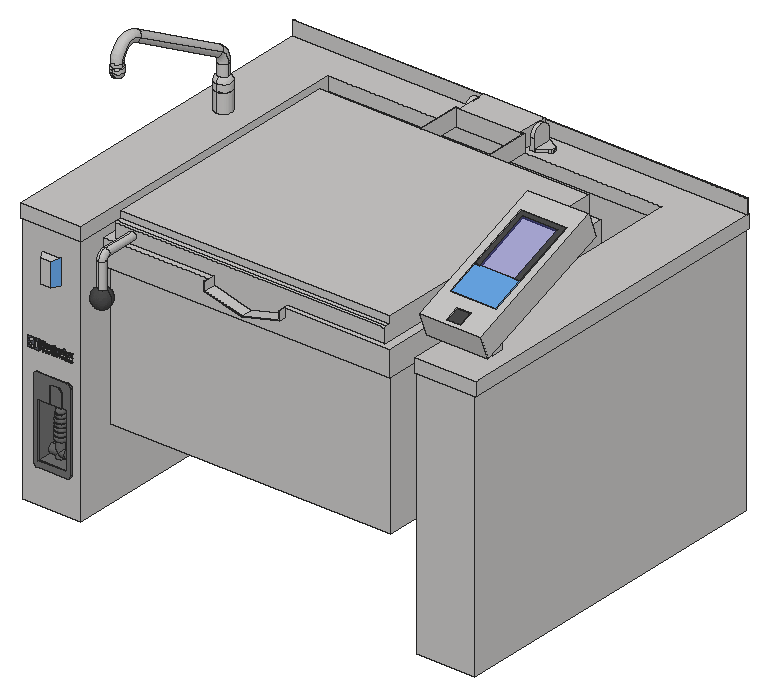
Revit family "QF_ELECTROLUXPROFESSIONAL_586294_PFET09ELEX", category Attrezzature speciali, Revit 2023
Family settings
  Quota connettore circolare = Usa raggio
  Tipo di parte = Normale
  Basato su piano di lavoro = No
  Attiva taglio nelle viste = No
  Sempre verticale = Sì
  Taglio con vuoti quando caricato = No
  Mantieni orientamento annotazione = No
  Condiviso = Sì
  Punto di calcolo locali = No
Parameters (values of type "Standard")
  Weight = 240.00 kg
  Watts = 0 W
  Volts = 400 V
  URL Manufacturer = "http://professional.electrolux.com"
  URL = "http://professional.electrolux.com"
  Steam Supply Size = 0"
  Steam Supply Minimum Pressure = 0.00 psi
  Steam Supply Maximum Pressure = 0.00 psi
  Steam Pounds per Hour = 0
  Show Logo [instance] = yes
  Refrigeration Suction Line Size = 0"
  Refrigeration Liquid Line Size = 0"
  Refrigerant Compressor Remote = yes
  Prospetto di default = 0.00 mm
  Plinth Base Finish [instance] = QF_Finishes_Concrete
  Plinth Base [instance] = not(Base Height = 500.00 mm)  # yes
  Phase = 3
  Modello = "PFET09ELES"
  Produttore = "Electrolux Professional"
  Length Actual = 1200.00 mm  # constant formula
  Item Number = "586955"
  Hot Water Size = 1/2"
  Height Actual = 700.00 mm  # constant formula
  HP = "20.8 HP"
  Gas Size = 0"
  Gas KW = 0
  Gas Input Pressure = 0.0 Btu/h
  Direct Waste Size = 0"
  Descrizione = "EL. TILTING BRAISING PAN,AUTO H/C WATER FILL INLET,SPRAY GUN, 90L,H700,COMPOUND,BS,FS,D900,REAR CLS KIT,GUID.COOK.S"
  Depth Actual = 900.00 mm  # constant formula
  Cycle = 50 Hz
  Condensate Return Size = 0"
  Compressed Air Volume = 0 GPM
  Compressed Air Size = 0"
  Compressed Air Pressure = 0.00 psi
  Cold Water Size = 1/2"
  Bracket [instance] = Base Height = 500.00 mm  # no
  Body Finish [instance] = QF_Finishes_Stainless Steel
  Base Height = 200.00 mm
  Show Clearance [instance] = yes
  Assembly Code = ""
  Accessory = yes
Reference planes
  plane 1 "BACK": y = 0
  plane 2: z = 0
  plane 3 "LEFT": x = 0
  plane 4 "RIGHT": x = 1200
  plane 5 "FRONT": y = -900
  plane 6 "TOP": z = 900
  plane 7: z = 200
  plane 8 "Center": x = 600
  plane 9 "Center (Front/Back)": y = -450
  plane 10: y = -920
  plane 11: z = 1845
  plane 12: y = -971
  plane 13: z = 913.881
Forms (mm)
  Extrusion 1, solid, material "QF_Finishes_Stainless Steel" <- "Body Finish"
    sketch origin (0, 0, 900) x (-1, 0, 0) y (0, -1, 0)
      loop
        line (0, 0) -> (0, 900) -> (-160, 900) -> (-160, 86) -> (-1040, 86) -> (-1040, 900) -> (-1200, 900) -> (-1200, 0) -> (0, 0)
    from 0 to -35
  Extrusion 2, solid, material "QF_Finishes_Stainless Steel" <- "Body Finish"
    sketch origin (0, 0, 0) x (1, 0, 0) y (0, 0, 1)
      loop
        line (157, 865) -> (157, 500) -> (1043, 500) -> (1043, 865) -> (157, 865)
    from 3 to 83
  Extrusion 3, solid, material "QF_Finishes_Stainless Steel" <- "Body Finish"
    sketch origin (0, -450, 0) x (-1, 0, 0) y (0, 0, 1)
      loop
        line (-230, 454.5) -> (-230, 833) -> (-970, 833) -> (-970, 454.5) -> (-230, 454.5)
    from 235 to -440
  Extrusion 4, solid, material "QF_Finishes_Stainless Steel" <- "Body Finish"
    sketch origin (-975.299, -4572, 900) x (-1, 0, 0) y (0, -1, 0)
      loop
        line (-1483.872, -4352.3) -> (-1487.872, -4352.3) -> (-1487.872, -4467) -> (-1663.872, -4467) -> (-1663.872, -4352.3) -> (-1667.872, -4352.3) -> (-1667.872, -4471) -> (-1655.272, -4471) -> (-1655.272, -4549.945) -> (-1496.272, -4549.945) -> (-1496.272, -4471) -> (-1483.872, -4471) -> (-1483.872, -4352.3)
    from 11 to 56
  Extrusion 5, void
    sketch origin (0, -820, 0) x (1, 0, 0) y (0, 0, 1)
      loop
        line (500.793, 900) -> (500.793, 876.744) -> (600.793, 851.202) -> (700.793, 876.744) -> (700.793, 900) -> (500.793, 900)
    from 55.7 to 90
  Extrusion 6, solid, material "QF_Finishes_Stainless Steel" <- "Body Finish"
    sketch origin (520.973, -101, 900) x (0, 1, 0) y (0, 0, -1)
      loop
        line (31, 0) -> (31, -32)
        arc (31, -32) -> (54.973, -55.973) -> (78.945, -32) r 23.973
        line (78.945, -32) -> (78.945, 0) -> (31, 0)
    from 0 to 12.9
  Extrusion 7, solid, material "QF_Finishes_Stainless Steel" <- "Body Finish"
    sketch origin (509.84, -101, 900) x (0, 1, 0) y (0, 0, -1)
      loop
        line (31, 0) -> (31, -32)
        arc (31, -32) -> (54.973, -55.973) -> (78.945, -32) r 23.973
        line (78.945, -32) -> (78.945, 0) -> (31, 0)
    from -182.733 to -170.133
  Blend 8, solid, material "QF_Finishes_Stainless Steel" <- "Body Finish"
    base sketch origin (157, -897, 0) x (-1, 0, 0) y (0, 0, -1)
      loop
        line (100.5, -805.4) -> (100.5, -738.6) -> (53.5, -738.6) -> (53.5, -805.4) -> (100.5, -805.4)
    top sketch origin (157, -897, 0) x (-1, 0, 0) y (0, 0, -1)
      loop
        line (90.448, -802.617) -> (90.448, -741.383) -> (63.552, -741.383) -> (63.552, -802.617) -> (90.448, -802.617)
    from 0 to 20.065
  Extrusion 9, solid, material "QF_Finishes_Stainless Steel" <- "Body Finish"
    sketch origin (0, 0, 900) x (-1, 0, 0) y (0, -1, 0)
      loop
        line (-481.802, 36.346) -> (-478.267, 39.408) -> (-476.325, 43.662) -> (-476.325, 47.996) -> (-478.267, 52.592) -> (-481.802, 55.654) -> (-508.073, 70) -> (-508.073, 22) -> (-481.802, 36.346)
      loop
        line (-719.145, 36.346) -> (-692.873, 22) -> (-692.873, 70) -> (-719.145, 55.654) -> (-722.679, 52.592) -> (-724.622, 47.996) -> (-724.622, 43.662) -> (-722.679, 39.408) -> (-719.145, 36.346)
    from 0 to 8
  Extrusion 10, solid, material "QF_Finishes_Stainless Steel" <- "Body Finish"
    sketch origin (600, 0, 0) x (0, 1, 0) y (0, 0, 1)
      loop
        line (-875.7, 957.5) -> (-875.7, 939.75) -> (-887.664, 939.75)
        arc (-887.664, 939.75) -> (-889.835, 938.566) -> (-890.7, 936.25) r 3.536
        line (-890.7, 936.25) -> (-890.7, 900) -> (-219.7, 900) -> (-219.7, 957.5) -> (-875.7, 957.5)
    from -355 to 355
  Revolve 11, solid, material "QF_Finishes_Stainless Steel" <- "Body Finish"
    sketch origin (-975.299, -4572, 730) x (-1, 0, 0) y (0, -1, 0)
      loop
        line (-1205.299, -4000) -> (-1138.736, -4000) -> (-1138.736, -4030) -> (-1132.299, -4030) -> (-1132.299, -3943) -> (-1205.299, -3943) -> (-1205.299, -4000)
      loop
        line (-1945.299, -4000) -> (-1945.299, -3943) -> (-2018.299, -3943) -> (-2018.299, -4030) -> (-2011.861, -4030) -> (-2011.861, -4000) -> (-1945.299, -4000)
      axis (-1132.299, -3943) -> (-2018.299, -3943)
    angle from 0 to 360
  Extrusion 12, solid, material "QF_Finishes_Stainless Steel" <- "Body Finish"
    sketch origin (-975.299, -4572, 900) x (-1, 0, 0) y (0, -1, 0)
      loop
        line (-1199.802, -4362) -> (-1199.802, -3667) -> (-1953.192, -3667) -> (-1953.192, -4362) -> (-1199.802, -4362)
    from -67 to 0
  Extrusion 13, solid, material "QF_Finishes_Clearance", visible <- "Show Clearance", detail levels coarse
    sketch origin (600, 0, 0) x (0, 1, 0) y (0, 0, 1)
      loop
        arc (-260.261, 1845) -> (-755.561, 1527.998) -> (-892.055, 956) r 785.603
        line (-892.055, 956) -> (-219.7, 956)
        arc (-219.7, 956) -> (-178.857, 1076.319) -> (-73.209, 1146.911) r 197.645
        line (-73.209, 1146.911) -> (-260.261, 1845)
    from -355 to 355
  Extrusion 14, solid, material "QF_Finishes_Clearance", visible <- "Show Clearance", detail levels coarse
    sketch origin (600, 0, 0) x (0, 1, 0) y (0, 0, 1)
      loop
        line (-885, 484.442) -> (-885, 867.077) -> (-905, 867.077) -> (-905, 934.077)
        arc (-905, 934.077) -> (-956.101, 706.542) -> (-885, 484.442) r 444.593
    from -375.497 to 377.893
  Extrusion 15, solid, material "QF_Finishes_Stainless Steel"
    sketch origin (0, 0, 386.36) x (0, 0, 1) y (1, 0, 0)
      loop
        circle (8.64, 106.204) r 6.35
      loop
        circle (8.64, 46.204) r 6.35
    from 0 to 5
  Extrusion 16, solid, material "QF_Finishes_Stainless Steel"
    sketch origin (1040, 0, 386.36) x (0, 0, 1) y (1, 0, 0)
      loop
        circle (8.64, 81.204) r 6.35
    from 0 to 5
  Extrusion 17, solid, material "QF_Finishes_Stainless Steel" <- "Body Finish"
    sketch origin (0, -100, 0) x (1, 0, 0) y (0, 1, 0)
      loop
        line (157, 97) -> (3, 97) -> (3, -797) -> (157, -797) -> (157, 97)
      loop
        line (1197, 97) -> (1043, 97) -> (1043, -797) -> (1197, -797) -> (1197, 97)
    from 200 to 865
  Extrusion 18, solid, material "Navy Blue", visible <- "Show Logo"
    sketch origin (160, -897, 0) x (-1, 0, 0) y (0, 0, -1)
      loop
        line (101.332, -593.18) -> (109.793, -593.18) -> (109.793, -583.327)
        arc (109.793, -583.327) -> (108.679, -580.639) -> (105.991, -579.525) r 3.802
        line (105.991, -579.525) -> (101.168, -579.525) -> (101.168, -581.736) -> (105.441, -581.736)
        arc (105.441, -581.736) -> (106.845, -582.21) -> (107.442, -583.566) r 1.838
        line (107.442, -583.566) -> (107.442, -585.52) -> (101.698, -585.52) -> (101.698, -587.738) -> (107.442, -587.738) -> (107.442, -590.968) -> (101.332, -590.968) -> (101.332, -593.18)
      loop
        line (99.498, -593.18) -> (99.498, -579.525) -> (97.146, -579.525) -> (97.146, -593.18) -> (99.498, -593.18)
      loop
        line (48.417, -593.18) -> (48.417, -579.525) -> (46.064, -579.525) -> (46.064, -593.18) -> (48.417, -593.18)
      loop
        line (93.257, -583.886) -> (85.539, -583.886)
        arc (85.539, -583.886) -> (86.746, -588.126) -> (90.874, -589.672) r 4.89
        arc (90.874, -589.672) -> (94.51, -587.828) -> (95.548, -583.886) r 4.976
        arc (95.548, -583.886) -> (94.182, -580.589) -> (90.886, -579.224) r 4.662
        arc (90.886, -579.224) -> (88.32, -579.602) -> (86.169, -581.05) r 5.86
        line (86.169, -581.05) -> (87.562, -582.444)
        arc (87.562, -582.444) -> (89.391, -581.347) -> (91.516, -581.531) r 3.458
        arc (91.516, -581.531) -> (92.812, -582.394) -> (93.257, -583.886) r 2.29
      loop
        line (93.198, -585.539) -> (87.902, -585.539)
        arc (87.902, -585.539) -> (88.645, -587.103) -> (90.278, -587.679) r 2.256
        arc (90.278, -587.679) -> (92.162, -587.188) -> (93.198, -585.539) r 2.64
      loop
        line (76.371, -586.524) -> (74.894, -588)
        arc (74.894, -588) -> (76.746, -589.341) -> (78.997, -589.742) r 5.117
        arc (78.997, -589.742) -> (82.429, -588.487) -> (84.231, -585.308) r 5.293
        arc (84.231, -585.308) -> (81.194, -579.733) -> (74.977, -581.018) r 5.33
        line (74.977, -581.018) -> (76.446, -582.487)
        arc (76.446, -582.487) -> (79.616, -581.438) -> (81.887, -583.886) r 3.088
        arc (81.887, -583.886) -> (81.729, -585.821) -> (80.396, -587.234) r 2.933
        arc (80.396, -587.234) -> (78.264, -587.559) -> (76.371, -586.524) r 3.369
      loop
        line (73.45, -593.18) -> (73.45, -583.849)
        arc (73.45, -583.849) -> (73.246, -582.449) -> (72.722, -581.135) r 6.031
        arc (72.722, -581.135) -> (71.044, -579.8) -> (68.918, -579.519) r 4.018
        line (68.918, -579.519) -> (68.918, -581.723)
        arc (68.918, -581.723) -> (69.55, -581.771) -> (70.139, -582.005) r 2.118
        arc (70.139, -582.005) -> (70.895, -582.804) -> (71.098, -583.886) r 1.949
        line (71.098, -583.886) -> (71.098, -587.265) -> (68.962, -587.265) -> (68.962, -589.401) -> (71.098, -589.401) -> (71.098, -593.18) -> (73.45, -593.18)
      loop
        arc (64.65, -584.717) -> (64.482, -585.701) -> (63.997, -586.574) r 2.967
        arc (63.997, -586.574) -> (62.588, -587.297) -> (61.004, -587.265) r 3.231
        line (61.004, -587.265) -> (61.004, -589.525)
        arc (61.004, -589.525) -> (63.073, -589.33) -> (64.65, -587.977) r 3.432
        line (64.65, -587.977) -> (64.65, -589.401) -> (66.983, -589.401) -> (66.983, -579.525) -> (64.65, -579.525) -> (64.65, -584.717)
      loop
        circle (55.254, -584.461) r 5.233
      loop
        circle (55.254, -584.461) r 3.172
      loop
        arc (37.582, -583.638) -> (38.162, -582.041) -> (39.738, -581.405) r 2.088
        arc (39.738, -581.405) -> (41.313, -582.041) -> (41.894, -583.638) r 2.088
        line (41.894, -583.638) -> (41.894, -589.401) -> (44.266, -589.401) -> (44.266, -583.442)
        arc (44.266, -583.442) -> (42.916, -580.365) -> (39.738, -579.275) r 4.181
        arc (39.738, -579.275) -> (36.524, -580.398) -> (35.211, -583.539) r 4.181
        line (35.211, -583.539) -> (35.211, -589.401) -> (37.582, -589.401) -> (37.582, -583.638)
      loop
        line (33.789, -589.401) -> (30.374, -584.764) -> (34.126, -579.522) -> (31.598, -579.522) -> (29.107, -583.001) -> (26.58, -579.522) -> (24.068, -579.522) -> (27.767, -584.817) -> (24.385, -589.401) -> (26.952, -589.401) -> (29.115, -586.469) -> (31.245, -589.401) -> (33.789, -589.401)
      loop
        line (108.47, -573.865) -> (110.346, -573.865) -> (110.346, -569.143) -> (109.319, -569.143) -> (109.319, -570.769) -> (108.185, -570.769)
        arc (108.185, -570.769) -> (106.916, -572.447) -> (108.47, -573.865) r 1.561
      loop
        arc (108.23, -571.697) -> (107.841, -572.304) -> (108.23, -572.911) r 0.668
        line (108.23, -572.911) -> (109.319, -572.911) -> (109.319, -571.697) -> (108.23, -571.697)
      loop
        line (101.061, -573.865) -> (102.968, -573.865) -> (102.968, -569.143) -> (101.942, -569.143) -> (101.942, -570.769) -> (100.949, -570.769) -> (100.27, -569.143) -> (99.168, -569.143) -> (100.097, -571.134)
        arc (100.097, -571.134) -> (99.652, -571.665) -> (99.502, -572.343) r 1.458
        arc (99.502, -572.343) -> (99.971, -573.421) -> (101.061, -573.865) r 1.559
      loop
        line (101.942, -572.911) -> (101.942, -571.697) -> (100.852, -571.697)
        arc (100.852, -571.697) -> (100.464, -572.304) -> (100.852, -572.911) r 0.668
        line (100.852, -572.911) -> (101.942, -572.911)
      loop
        circle (93.139, -571.504) r 2.453
      loop
        circle (93.139, -571.504) r 1.557
      loop
        line (86.655, -573.865) -> (86.655, -569.143) -> (85.654, -569.143) -> (85.654, -570.793) -> (83.876, -570.793) -> (83.876, -571.851) -> (85.654, -571.851) -> (85.654, -572.847) -> (83.706, -572.847) -> (83.706, -573.865) -> (86.655, -573.865)
      loop
        line (79.724, -573.865) -> (79.724, -570.677)
        arc (79.724, -570.677) -> (79.288, -569.596) -> (78.213, -569.146) r 1.51
        line (78.213, -569.146) -> (76.689, -569.146) -> (76.689, -570.038) -> (78.122, -570.038)
        arc (78.122, -570.038) -> (78.65, -570.475) -> (78.753, -571.151) r 0.961
        line (78.753, -571.151) -> (76.866, -571.151) -> (76.866, -572.043) -> (78.753, -572.043) -> (78.753, -572.973) -> (76.735, -572.973) -> (76.735, -573.865) -> (79.724, -573.865)
      loop
        arc (62.624, -573.267) -> (63.249, -573.78) -> (64.041, -573.943) r 1.69
        arc (64.041, -573.943) -> (64.773, -573.764) -> (65.374, -573.31) r 1.872
        arc (65.374, -573.31) -> (65.486, -572.238) -> (64.794, -571.411) r 1.385
        arc (64.794, -571.411) -> (64.212, -571.217) -> (63.66, -570.95) r 4.78
        arc (63.66, -570.95) -> (63.312, -570.539) -> (63.552, -570.057) r 0.489
        arc (63.552, -570.057) -> (63.998, -569.952) -> (64.442, -570.065) r 0.963
        arc (64.442, -570.065) -> (64.826, -570.341) -> (65.061, -570.752) r 1.118
        line (65.061, -570.752) -> (65.887, -570.367)
        arc (65.887, -570.367) -> (65.589, -569.793) -> (65.11, -569.36) r 1.815
        arc (65.11, -569.36) -> (64.566, -569.127) -> (63.978, -569.068) r 1.957
        arc (63.978, -569.068) -> (63.25, -569.213) -> (62.595, -569.561) r 2.556
        arc (62.595, -569.561) -> (62.305, -570.331) -> (62.455, -571.139) r 1.535
        arc (62.455, -571.139) -> (62.778, -571.512) -> (63.19, -571.781) r 1.779
        arc (63.19, -571.781) -> (63.712, -572.014) -> (64.248, -572.215) r 9.371
        arc (64.248, -572.215) -> (64.557, -572.696) -> (64.11, -573.053) r 0.427
        arc (64.11, -573.053) -> (63.575, -572.924) -> (63.163, -572.558) r 1.135
        line (63.163, -572.558) -> (62.624, -573.267)
      loop
        line (58.291, -573.865) -> (58.291, -569.146) -> (57.321, -569.146) -> (57.321, -573.865) -> (58.291, -573.865)
      loop
        circle (50.779, -571.506) r 1.468
      loop
        circle (50.779, -571.506) r 2.451
      loop
        line (44.27, -569.146) -> (43.289, -569.146) -> (43.289, -572.113) -> (41.131, -569.146) -> (40.187, -569.146) -> (40.187, -573.865) -> (41.168, -573.865) -> (41.168, -570.808) -> (43.326, -573.865) -> (44.27, -573.865) -> (44.27, -569.146)
      loop
        line (35.295, -569.146) -> (34.836, -570.164) -> (33.09, -570.164) -> (32.631, -569.146) -> (31.588, -569.146) -> (33.581, -573.865) -> (34.491, -573.865) -> (36.337, -569.146) -> (35.295, -569.146)
      loop
        line (33.526, -571.132) -> (33.993, -572.169) -> (34.447, -571.132) -> (33.526, -571.132)
      loop
        line (26.769, -570.038) -> (26.769, -573.865) -> (27.739, -573.865) -> (27.739, -569.146) -> (24.954, -569.146) -> (24.954, -570.038) -> (26.769, -570.038)
      loop
        arc (69.698, -573.267) -> (70.324, -573.78) -> (71.116, -573.943) r 1.69
        arc (71.116, -573.943) -> (71.847, -573.764) -> (72.449, -573.31) r 1.872
        arc (72.449, -573.31) -> (72.56, -572.238) -> (71.868, -571.411) r 1.385
        arc (71.868, -571.411) -> (71.287, -571.217) -> (70.735, -570.95) r 4.78
        arc (70.735, -570.95) -> (70.386, -570.539) -> (70.627, -570.057) r 0.489
        arc (70.627, -570.057) -> (71.073, -569.952) -> (71.517, -570.065) r 0.963
        arc (71.517, -570.065) -> (71.901, -570.341) -> (72.136, -570.752) r 1.118
        line (72.136, -570.752) -> (72.961, -570.367)
        arc (72.961, -570.367) -> (72.664, -569.793) -> (72.184, -569.36) r 1.815
        arc (72.184, -569.36) -> (71.64, -569.127) -> (71.052, -569.068) r 1.957
        arc (71.052, -569.068) -> (70.325, -569.213) -> (69.669, -569.561) r 2.556
        arc (69.669, -569.561) -> (69.38, -570.331) -> (69.529, -571.139) r 1.535
        arc (69.529, -571.139) -> (69.852, -571.512) -> (70.265, -571.781) r 1.779
        arc (70.265, -571.781) -> (70.787, -572.014) -> (71.322, -572.215) r 9.371
        arc (71.322, -572.215) -> (71.632, -572.696) -> (71.185, -573.053) r 0.427
        arc (71.185, -573.053) -> (70.649, -572.924) -> (70.238, -572.558) r 1.135
        line (70.238, -572.558) -> (69.698, -573.267)
      loop
        line (124.467, -593.367) -> (124.467, -568.534)
        arc (124.467, -568.534) -> (115.287, -580.95) -> (124.467, -593.367) r 12.987
      loop
        arc (125.423, -593.446) -> (135.891, -591.227) -> (141.022, -581.837) r 12.809
        line (141.022, -581.837) -> (135.422, -581.837)
        arc (135.422, -581.837) -> (128.84, -585.012) -> (125.423, -591.472) r 11.707
        line (125.423, -591.472) -> (125.423, -593.446)
      loop
        arc (125.73, -570.332) -> (129.585, -577.251) -> (136.925, -580.23) r 11.93
        line (136.925, -580.23) -> (141.033, -580.23)
        arc (141.033, -580.23) -> (136.066, -570.804) -> (125.73, -568.215) r 13.06
        line (125.73, -568.215) -> (125.73, -570.332)
      loop
        line (141.976, -594.722) -> (141.976, -567.122) -> (114.339, -567.122) -> (114.339, -594.722) -> (141.976, -594.722)
    from 0 to 0.697
  Extrusion 19, void
    sketch origin (0, -900, 0) x (1, 0, 0) y (0, 0, 1)
      loop
        line (125.4, 500.944) -> (43.4, 500.944) -> (43.4, 305.944) -> (125.4, 305.944) -> (125.4, 500.944)
    from 0 to -63
  Extrusion 20, solid, material "QF_Finishes_Stainless Steel"
    sketch origin (600, -100, 0) x (0, 1, 0) y (0, 0, 1)
      loop
        line (98, 937.998) -> (98, 900) -> (100, 900) -> (100, 937.998) -> (98, 937.998)
    from 600 to -600
  Sweep 21, solid, material "QF_Finishes_Stainless Steel" <- "Body Finish"
    path origin (287.976, 6.8, 0) x (0, 1, 0) y (0, 0, 1)
      loop
        line (-897.5, 920) -> (-985.5, 920)
        arc (-985.5, 920) -> (-994.07, 916.45) -> (-997.619, 907.881) r 12.119
        line (-997.619, 907.881) -> (-997.619, 837.881)
    profile origin (287.976, -934.7, 920) x (0, 0, -1) y (1, 0, 0)
      loop
        circle (0, 0) r 10
  Revolve 22, solid, material "QF_Finishes_Black"
    sketch origin (0, -990.819, 0) x (1, 0, 0) y (0, 0, 1)
      loop
        line (287.976, 837.881) -> (287.976, 792.881)
        arc (287.976, 792.881) -> (312.449, 812.773) -> (297.976, 840.794) r 25
        line (297.976, 840.794) -> (297.976, 837.881) -> (287.976, 837.881)
      axis (287.976, 792.881) -> (287.976, 840.794)
    angle from 0 to 360
  Extrusion 23, solid, material "QF_Finishes_Stainless Steel" <- "Body Finish"
    sketch origin (0, -900, 0) x (1, 0, 0) y (0, 0, 1)
      loop
        line (500.793, 900) -> (500.793, 876.744) -> (600.793, 851.202) -> (700.793, 876.744) -> (700.793, 900) -> (698.793, 900) -> (698.793, 878.297) -> (600.793, 853.267) -> (502.793, 878.297) -> (502.793, 900) -> (500.793, 900)
    from -24.3 to 20
  Extrusion 24, solid, material "QF_Finishes_Stainless Steel" <- "Body Finish"
    sketch origin (0, -900, 0) x (1, 0, 0) y (0, 0, 1)
      loop
        line (504.793, 879.85) -> (600.793, 855.331) -> (696.793, 879.85) -> (696.793, 900) -> (504.793, 900) -> (504.793, 879.85)
    from -24.3 to -9.3
  Extrusion 25, solid, material "QF_Finishes_Clearance", visible <- "Show Clearance", detail levels coarse
    sketch origin (600, 0, 0) x (0, 1, 0) y (0, 0, 1)
      loop
        arc (-73.209, 1146.911) -> (-178.857, 1076.319) -> (-219.7, 956) r 197.645
        line (-219.7, 956) -> (-22.055, 956) -> (-73.209, 1146.911)
    from -91.427 to 92.573
Cuts and joins
  Extrusion 5 cuts Extrusion 12
  joined: Extrusion 3, Extrusion 10, Extrusion 12, Extrusion 23, Extrusion 24
  Extrusion 19 cuts Extrusion 17
  joined: Extrusion 13, Extrusion 25
Lines and regions (mm)
  symbolic lines
    curve 1: line (1200, -900, 900) -> (1200, -160.7, 900)
    curve 2: line (1040, -900, 900) -> (1200, -900, 900)
    curve 3: line (1040, -86, 900) -> (1040, -900, 900)
    curve 4: line (0, -160.7, 900) -> (0, -900, 900)
    curve 5: line (160, -900, 900) -> (160, -86, 900)
    curve 6: line (0, -900, 900) -> (160, -900, 900)
    curve 7: line (160, -86, 900) -> (520.973, -86, 900)
    curve 8: line (679.973, -86, 900) -> (1040, -86, 900)
    curve 9: line (224.503, -210, 900) -> (508.573, -210, 900)
    curve 10: line (692.573, -115.7, 900) -> (690.46, -115.7, 900)
    curve 11: line (977.893, -210, 900) -> (977.893, -905, 900)
    curve 12: line (224.503, -210, 900) -> (224.503, -905, 900)
    curve 13: line (1040, -572, 900) -> (977.893, -572, 900)
    curve 14: line (1040, -686, 900) -> (977.893, -686, 900)
    curve 15: line (160, -572, 900) -> (224.503, -572, 900)
    curve 16: line (160, -686, 900) -> (224.503, -686, 900)
    curve 24: line (0, -2, 0) -> (1200, -2, 0)
    curve 25: line (277.976, -990.819, 0) -> (277.976, -890.7, 0)
    curve 26: line (297.976, -990.819, 0) -> (297.976, -890.7, 0)
    curve 27: arc (277.976, -967.907, 0) -> (287.976, -1015.819, 0) -> (297.976, -967.907, 0) r 25
    curve 28: arc (277.976, -990.819, 0) -> (287.976, -1000.819, 0) -> (297.976, -990.819, 0) r 10
    curve 29: line (500.793, -890.7, 0) -> (500.793, -920, 0)
    curve 30: line (500.793, -920, 0) -> (700.793, -920, 0)
    curve 31: line (700.793, -920, 0) -> (700.793, -890.7, 0)
    curve 32: line (698.793, -920, 0) -> (698.793, -890.7, 0)
    curve 33: line (502.793, -920, 0) -> (502.793, -890.7, 0)
    curve 34: line (600.793, -920, 0) -> (600.793, -890.7, 0)
    curve 35: line (245.454, -219.7, 0) -> (245.454, -890.7, 0)
    curve 36: line (955.493, -219.7, 0) -> (245.454, -219.7, 0)
    curve 37: line (955.493, -890.7, 0) -> (955.493, -219.7, 0)
    curve 38: line (245.454, -890.7, 0) -> (955.493, -890.7, 0)
    curve 39: line (224.503, -905, 0) -> (277.976, -905, 0)
    curve 40: line (297.976, -905, 0) -> (500.793, -905, 0)
    curve 41: line (700.793, -905, 0) -> (977.893, -905, 0)
    curve 42: line (245.454, -875.7, 0) -> (955.493, -875.7, 0)
    curve 43: line (512.573, -219.7, 0) -> (512.573, -105, 0)
    curve 44: line (508.573, -101, 0) -> (508.573, -219.7, 0)
    curve 45: line (520.973, -101, 0) -> (508.573, -101, 0)
    curve 46: line (512.573, -105, 0) -> (688.573, -105, 0)
    curve 47: line (688.573, -105, 0) -> (688.573, -219.7, 0)
    curve 48: line (692.573, -219.7, 0) -> (692.573, -101, 0)
    curve 49: line (692.573, -101, 0) -> (679.973, -101, 0)
    curve 50: line (679.973, -101, 0) -> (679.973, -22, 0)
    curve 51: line (520.973, -22, 0) -> (520.973, -101, 0)
    curve 52: line (508.073, -70, 0) -> (520.973, -70, 0)
    curve 53: line (508.073, -22, 0) -> (508.073, -70, 0)
    curve 54: line (692.873, -70, 0) -> (692.873, -22, 0)
    curve 55: line (679.973, -70, 0) -> (692.873, -70, 0)
    curve 56: line (692.873, -70, 0) -> (719.145, -55.654, 0)
    curve 57: line (719.145, -36.346, 0) -> (692.873, -22, 0)
    curve 58: line (508.073, -22, 0) -> (481.802, -36.346, 0)
    curve 59: line (481.802, -36.346, 0) -> (478.267, -39.408, 0)
    curve 60: line (478.267, -39.408, 0) -> (476.325, -43.662, 0)
    curve 61: line (476.325, -43.662, 0) -> (476.325, -47.996, 0)
    curve 62: line (476.325, -47.996, 0) -> (478.267, -52.592, 0)
    curve 63: line (478.267, -52.592, 0) -> (481.802, -55.654, 0)
    curve 64: line (481.802, -55.654, 0) -> (508.073, -70, 0)
    curve 65: line (722.679, -39.408, 0) -> (719.145, -36.346, 0)
    curve 66: line (724.622, -43.662, 0) -> (722.679, -39.408, 0)
    curve 67: line (724.622, -47.996, 0) -> (724.622, -43.662, 0)
    curve 68: line (722.679, -52.592, 0) -> (724.622, -47.996, 0)
    curve 69: line (719.145, -55.654, 0) -> (722.679, -52.592, 0)
    curve 70: line (508.073, -22, 0) -> (692.873, -22, 0)
    curve 71: line (692.573, -210, 900) -> (976.644, -210, 900)
  symbolic lines, style "QF-Clearances", visible <- "Show Clearance", detail levels coarse
    curve 17: line (350, -550, 900) -> (850, -550, 900)
    curve 18: line (350, -1750, 900) -> (350, -550, 900)
    curve 19: line (850, -1750, 900) -> (350, -1750, 900)
    curve 20: line (850, -550, 900) -> (850, -1750, 900)
    curve 21: line (350, -1150, 900) -> (550, -1750, 900)
    curve 22: line (850, -1150, 900) -> (650, -1750, 900)
    curve 23: circle (600, -1700, 900) r 25 normal (0, 0, 1)
Dimensions and locks
  plane 3 "LEFT" to plane 4 "RIGHT" = 1200.00 mm
  plane 4 "RIGHT" to plane 3 "LEFT" = 1200.00 mm
  plane 1 "BACK" to plane 5 "FRONT" = 900.00 mm
  plane 5 "FRONT" to plane 1 "BACK" = 900.00 mm
  plane 6 "TOP" to level = 900.00 mm
  "Base Height": plane 7 to level
  equal spacing: plane 5 "FRONT", plane 9 "Center (Front/Back)", plane 1 "BACK"
  equal spacing: plane 3 "LEFT", plane 8 "Center", plane 4 "RIGHT"
  plane 10 to plane 1 "BACK" = 920.00 mm
  plane 6 "TOP" to Extrusion 3 sketch curve to Extrusion 3 sketch curve = 67.00 mm locked, 378.50 mm locked
  Extrusion 7 to Extrusion 7 to Extrusion 6 to Extrusion 6 to plane 3 "LEFT" = 12.60 mm, 159.00 mm, 12.90 mm, 508.073 mm
  Extrusion 5 sketch curve to plane 8 "Center" to Extrusion 5 sketch curve = 100.793 mm locked, 99.207 mm locked
  Extrusion 10 sketch curve to Extrusion 10 sketch curve to Extrusion 10 sketch curve to plane 5 "FRONT" = 11.964 mm locked, 3.036 mm locked, 9.30 mm locked
  plane 6 "TOP" to Extrusion 2 sketch curve to Extrusion 2 sketch curve = 35.00 mm locked, 365.00 mm locked
  plane 11 to plane 6 "TOP" = 945.00 mm
  plane 1 "BACK" to plane 12 = 971.00 mm
  Extrusion 14 sketch curve to Extrusion 14 sketch curve to Extrusion 14 sketch curve to cut or joined group of Extrusion 3, Extrusion 5, Extrusion 10, Extrusion 12, Extrusion 23, Extrusion 24 = 51.54 mm locked, 20.00 mm locked, 9.30 mm locked
  Extrusion 14 sketch curve to Extrusion 14 sketch curve to Extrusion 14 sketch curve = 67.00 mm locked, 382.635 mm locked
  Sweep 21 sketch curve to Sweep 21 sketch curve to Sweep 21 sketch curve = 88.00 mm, 12.119 mm locked
  aligned and locked: level to plane 2
  aligned: plane 6 "TOP" to Extrusion 1
  aligned and locked: plane 6 "TOP" to Extrusion 1
  aligned and locked: Revolve 11 to cut or joined group of Extrusion 3, Extrusion 5, Extrusion 10, Extrusion 12, Extrusion 23, Extrusion 24
  aligned and locked: cut or joined group of Extrusion 3, Extrusion 5, Extrusion 10, Extrusion 12, Extrusion 23, Extrusion 24 to Revolve 11
  aligned: cut or joined group of Extrusion 3, Extrusion 5, Extrusion 10, Extrusion 12, Extrusion 23, Extrusion 24 to plane 10
  aligned: Extrusion 2 to cut or joined group of Extrusion 3, Extrusion 5, Extrusion 10, Extrusion 12, Extrusion 23, Extrusion 24
  aligned and locked: curve 7 to Extrusion 1
  aligned and locked: curve 5 to Extrusion 1
Automatic sketch dimensions
  plane 8 "Center" to Extrusion 4 sketch curve = 92.573 mm
  Extrusion 4 sketch curve to Extrusion 4 sketch curve = 4.00 mm  (x3)
  plane 1 "BACK" to Extrusion 4 sketch curve = 22.055 mm
  Extrusion 4 sketch curve to Extrusion 4 sketch curve = 12.60 mm
  Extrusion 4 sketch curve to plane 8 "Center" = 79.027 mm
  Extrusion 4 sketch curve to plane 8 "Center" = 87.427 mm
  Extrusion 4 sketch curve to Extrusion 4 sketch curve = 78.945 mm  (x2)
  Extrusion 4 sketch curve to Extrusion 4 sketch curve = 114.70 mm  (x2)
  Extrusion 6 sketch curve to Extrusion 4 = 0.00 mm
  Extrusion 4 to Extrusion 6 sketch curve = 23.973 mm
  Extrusion 4 to Extrusion 6 sketch curve = 21.00 mm
  Extrusion 6 sketch curve to Extrusion 4 = 11.00 mm
  plane 1 "BACK" to Extrusion 9 sketch curve = 43.662 mm
  plane 8 "Center" to Extrusion 9 sketch curve = 124.622 mm
  plane 1 "BACK" to Extrusion 9 sketch curve = 52.592 mm  (x2)
  Extrusion 9 sketch curve to Extrusion 9 sketch curve = 1.943 mm  (x3)
  plane 1 "BACK" to Extrusion 9 sketch curve = 39.408 mm  (x2)
  plane 1 "BACK" to Extrusion 9 sketch curve = 36.346 mm  (x2)
  Extrusion 9 sketch curve to Extrusion 9 sketch curve = 3.534 mm  (x4)
  plane 1 "BACK" to Extrusion 9 sketch curve = 55.654 mm  (x2)
  Extrusion 9 sketch curve to Extrusion 9 sketch curve = 26.272 mm  (x2)
  plane 1 "BACK" to Extrusion 9 sketch curve = 22.00 mm  (x2)
  Extrusion 9 sketch curve to plane 8 "Center" = 91.927 mm
  Extrusion 9 sketch curve to Extrusion 9 sketch curve = 0.00 mm
  plane 1 "BACK" to Extrusion 9 sketch curve = 47.996 mm
  Extrusion 9 sketch curve to Extrusion 9 sketch curve = 4.334 mm  (x2)
  Extrusion 9 sketch curve to Extrusion 9 sketch curve = 14.346 mm  (x2)
  curve 23 to plane 8 "Center" = 0.00 mm
  curve 20 to plane 9 "Center (Front/Back)" = 100.00 mm
  plane 8 "Center" to curve 20 = 250.00 mm
  curve 18 to plane 8 "Center" = 250.00 mm
  plane 12 to curve 23 = 729.00 mm
  curve 23 to curve 18 = 50.00 mm
  plane 8 "Center" to curve 22 = 50.00 mm
  curve 21 to plane 8 "Center" = 50.00 mm
  plane 12 to curve 22 = 179.00 mm
  plane 12 to curve 21 = 179.00 mm
  curve 27 to curve 28 = 0.00 mm  (x2)
  curve 24 to plane 3 "LEFT" = 0.00 mm
  curve 30 to plane 10 = 0.00 mm
  curve 24 to plane 4 "RIGHT" = 0.00 mm
  plane 3 "LEFT" to curve 36 = 245.454 mm
  curve 35 to curve 25 = 32.522 mm
  curve 25 to curve 28 = 10.00 mm
  plane 1 "BACK" to curve 62 = 47.996 mm
  curve 62 to plane 8 "Center" = 123.675 mm
  plane 1 "BACK" to curve 62 = 52.592 mm
  curve 61 to curve 62 = 1.943 mm
  plane 1 "BACK" to curve 59 = 39.408 mm
  curve 60 to curve 59 = 1.943 mm
  plane 1 "BACK" to curve 59 = 36.346 mm
  curve 59 to curve 59 = 3.534 mm
  plane 1 "BACK" to curve 63 = 55.654 mm
  curve 62 to curve 63 = 3.534 mm
  curve 30 to plane 8 "Center" = 99.207 mm
  curve 63 to curve 64 = 26.272 mm
  curve 52 to curve 44 = 0.50 mm
  curve 44 to curve 43 = 4.00 mm
  curve 43 to curve 45 = 8.40 mm
  plane 8 "Center" to curve 49 = 79.973 mm
  curve 49 to curve 46 = 8.60 mm
  curve 46 to curve 49 = 4.00 mm
  curve 55 to curve 56 = 12.90 mm
  plane 8 "Center" to curve 31 = 100.793 mm
  plane 1 "BACK" to curve 65 = 36.346 mm
  curve 54 to curve 65 = 26.272 mm
  plane 1 "BACK" to curve 56 = 55.654 mm
  curve 56 to curve 57 = 0.00 mm
  plane 1 "BACK" to curve 69 = 52.592 mm
  curve 56 to curve 69 = 3.534 mm
  plane 1 "BACK" to curve 65 = 39.408 mm
  curve 57 to curve 65 = 3.534 mm
  plane 1 "BACK" to curve 66 = 43.662 mm
  curve 65 to curve 66 = 1.943 mm
  curve 37 to plane 5 "FRONT" = 9.30 mm
  curve 37 to plane 4 "RIGHT" = 244.507 mm
  plane 12 to curve 26 = 19.819 mm
  plane 1 "BACK" to curve 36 = 219.70 mm
  curve 47 to curve 56 = 49.346 mm
  curve 43 to curve 45 = 4.00 mm
  curve 46 to curve 50 = 4.00 mm
  curve 53 to curve 63 = 14.346 mm
  curve 56 to curve 56 = 14.346 mm
  curve 67 to curve 66 = 4.334 mm
  curve 61 to curve 60 = 4.334 mm
  plane 1 "BACK" to curve 53 = 22.00 mm
  plane 5 "FRONT" to curve 39 = 5.00 mm
  curve 39 to curve 35 = 20.951 mm
  curve 29 to curve 33 = 2.00 mm
  plane 8 "Center" to curve 34 = 0.793 mm
  curve 32 to curve 30 = 2.00 mm
  plane 5 "FRONT" to curve 41 = 5.00 mm
  curve 37 to curve 41 = 22.40 mm
  curve 27 to plane 12 = 3.093 mm
  plane 5 "FRONT" to curve 40 = 5.00 mm
  curve 37 to curve 42 = 15.00 mm
  plane 1 "BACK" to curve 24 = 2.00 mm
  plane 1 "BACK" to Extrusion 1 sketch curve = 0.00 mm
  Extrusion 1 sketch curve to plane 4 "RIGHT" = 0.00 mm
  plane 5 "FRONT" to Extrusion 1 sketch curve = 0.00 mm  (x2)
  Extrusion 1 sketch curve to plane 3 "LEFT" = 0.00 mm
  Extrusion 1 sketch curve to plane 4 "RIGHT" = 160.00 mm
  plane 3 "LEFT" to Extrusion 1 sketch curve = 160.00 mm
  plane 1 "BACK" to Extrusion 1 sketch curve = 86.00 mm
  plane 3 "LEFT" to Extrusion 2 sketch curve = 157.00 mm
  Extrusion 2 sketch curve to plane 4 "RIGHT" = 157.00 mm
  Extrusion 3 sketch curve to plane 4 "RIGHT" = 230.00 mm
  plane 3 "LEFT" to Extrusion 3 sketch curve = 230.00 mm
  plane 8 "Center" to Extrusion 5 sketch curve = 0.793 mm
  Extrusion 5 sketch curve to plane 6 "TOP" = 48.798 mm
  Extrusion 5 sketch curve to plane 6 "TOP" = 23.256 mm  (x2)
  plane 6 "TOP" to Extrusion 5 sketch curve = 0.00 mm
  Extrusion 7 sketch curve to plane 6 "TOP" = 0.00 mm
  plane 1 "BACK" to Extrusion 7 sketch curve = 70.00 mm
  Extrusion 7 sketch curve to Extrusion 7 sketch curve = 23.973 mm
  plane 6 "TOP" to Extrusion 7 sketch curve = 32.00 mm
  plane 3 "LEFT" to Blend 8 sketch curve = 103.50 mm
  Blend 8 sketch curve to Blend 8 sketch curve = 47.00 mm
  Blend 8 sketch curve to plane 6 "TOP" = 94.60 mm
  Blend 8 sketch curve to Blend 8 sketch curve = 66.80 mm
  plane 3 "LEFT" to Blend 8 sketch curve = 93.448 mm
  Blend 8 sketch curve to Blend 8 sketch curve = 26.896 mm
  Blend 8 sketch curve to plane 6 "TOP" = 97.383 mm
  Blend 8 sketch curve to Blend 8 sketch curve = 61.233 mm
  Extrusion 10 sketch curve to plane 6 "TOP" = 0.00 mm
  Extrusion 10 sketch curve to Extrusion 10 sketch curve = 3.536 mm
  plane 1 "BACK" to Extrusion 10 sketch curve = 219.70 mm
  Extrusion 10 sketch curve to Extrusion 10 sketch curve = 36.25 mm
  Extrusion 10 sketch curve to Extrusion 10 sketch curve = 57.50 mm
  Revolve 11 sketch curve to plane 4 "RIGHT" = 157.00 mm
  Revolve 11 sketch curve to Revolve 11 sketch curve = 6.437 mm  (x2)
  Revolve 11 sketch curve to Revolve 11 sketch curve = 66.563 mm  (x2)
  plane 3 "LEFT" to Revolve 11 sketch curve = 230.00 mm
  Revolve 11 sketch curve to plane 9 "Center (Front/Back)" = 92.00 mm  (x2)
  Revolve 11 sketch curve to Revolve 11 sketch curve = 30.00 mm  (x2)
  Revolve 11 sketch curve to Revolve 11 sketch curve = 57.00 mm  (x2)
  Revolve 11 sketch curve to Revolve 11 sketch curve = 5.497 mm  (x2)
  Revolve 11 sketch curve to Revolve 11 sketch curve = 0.00 mm
  Extrusion 12 sketch curve to plane 4 "RIGHT" = 222.107 mm
  plane 3 "LEFT" to Extrusion 12 sketch curve = 224.503 mm
  plane 1 "BACK" to Extrusion 12 sketch curve = 210.00 mm
  plane 5 "FRONT" to Extrusion 12 sketch curve = 5.00 mm
  Extrusion 13 sketch curve to plane 11 = 0.00 mm
  Extrusion 13 sketch curve to plane 5 "FRONT" = 7.945 mm
  plane 9 "Center (Front/Back)" to Extrusion 13 sketch curve = 189.739 mm
  plane 6 "TOP" to Extrusion 13 sketch curve = 56.00 mm
  plane 1 "BACK" to Extrusion 13 sketch curve = 219.70 mm
  plane 1 "BACK" to Extrusion 13 sketch curve = 115.199 mm
  plane 1 "BACK" to Extrusion 13 sketch curve = 73.209 mm
  plane 1 "BACK" to Extrusion 13 sketch curve = 22.055 mm
  plane 7 to Extrusion 14 sketch curve = 284.442 mm
  plane 3 "LEFT" to Extrusion 15 sketch curve = 46.204 mm
  plane 7 to Extrusion 15 sketch curve = 195.00 mm
  Extrusion 15 sketch curve to Extrusion 15 sketch curve = 0.00 mm
  Extrusion 15 sketch curve to Extrusion 15 sketch curve = 60.00 mm
  Extrusion 16 sketch curve to plane 4 "RIGHT" = 78.796 mm
  plane 7 to Extrusion 16 sketch curve = 195.00 mm
  plane 3 "LEFT" to Extrusion 17 sketch curve = 3.00 mm
  plane 1 "BACK" to Extrusion 17 sketch curve = 3.00 mm  (x2)
  Extrusion 17 sketch curve to Extrusion 17 sketch curve = 154.00 mm
  Extrusion 17 sketch curve to plane 4 "RIGHT" = 157.00 mm
  Extrusion 17 sketch curve to plane 4 "RIGHT" = 3.00 mm
  Extrusion 17 sketch curve to plane 5 "FRONT" = 3.00 mm  (x2)
  Extrusion 18 sketch curve to Extrusion 18 sketch curve = 0.00 mm  (x33)
  plane 3 "LEFT" to Extrusion 18 sketch curve = 135.932 mm
  Extrusion 18 sketch curve to Extrusion 18 sketch curve = 0.317 mm
  Extrusion 18 sketch curve to Extrusion 18 sketch curve = 0.886 mm
  Extrusion 18 sketch curve to Extrusion 18 sketch curve = 2.512 mm
  Extrusion 18 sketch curve to Extrusion 18 sketch curve = 1.815 mm
  Extrusion 18 sketch curve to Extrusion 18 sketch curve = 2.567 mm
  Extrusion 18 sketch curve to Extrusion 18 sketch curve = 0.97 mm  (x3)
  Extrusion 18 sketch curve to Extrusion 18 sketch curve = 0.815 mm  (x2)
  Extrusion 18 sketch curve to Extrusion 18 sketch curve = 1.341 mm
  Extrusion 18 sketch curve to Extrusion 18 sketch curve = 1.348 mm
  Extrusion 18 sketch curve to Extrusion 18 sketch curve = 1.259 mm
  Extrusion 18 sketch curve to Extrusion 18 sketch curve = 2.13 mm
  Extrusion 18 sketch curve to Extrusion 18 sketch curve = 3.849 mm
  Extrusion 18 sketch curve to Extrusion 18 sketch curve = 2.49 mm
  Extrusion 18 sketch curve to Extrusion 18 sketch curve = 1.043 mm
  Extrusion 18 sketch curve to Extrusion 18 sketch curve = 0.46 mm  (x2)
  Extrusion 18 sketch curve to Extrusion 18 sketch curve = 0.435 mm
  Extrusion 18 sketch curve to Extrusion 18 sketch curve = 0.055 mm  (x2)
  Extrusion 18 sketch curve to Extrusion 18 sketch curve = 2.544 mm
  Extrusion 18 sketch curve to Extrusion 18 sketch curve = 0.468 mm
  Extrusion 18 sketch curve to Extrusion 18 sketch curve = 2.528 mm
  Extrusion 18 sketch curve to Extrusion 18 sketch curve = 0.922 mm
  Extrusion 18 sketch curve to Extrusion 18 sketch curve = 0.91 mm
  Extrusion 18 sketch curve to Extrusion 18 sketch curve = 0.388 mm
  Extrusion 18 sketch curve to Extrusion 18 sketch curve = 1.422 mm
  Extrusion 18 sketch curve to Extrusion 18 sketch curve = 1.042 mm
  Extrusion 18 sketch curve to Extrusion 18 sketch curve = 2.371 mm
  Extrusion 18 sketch curve to Extrusion 18 sketch curve = 1.809 mm  (x2)
  Extrusion 18 sketch curve to Extrusion 18 sketch curve = 0.273 mm  (x2)
  Extrusion 18 sketch curve to Extrusion 18 sketch curve = 0.147 mm
  Extrusion 18 sketch curve to Extrusion 18 sketch curve = 5.696 mm
  Extrusion 18 sketch curve to Extrusion 18 sketch curve = 0.943 mm
  Extrusion 18 sketch curve to Extrusion 18 sketch curve = 0.037 mm  (x3)
  Extrusion 18 sketch curve to Extrusion 18 sketch curve = 2.122 mm
  Extrusion 18 sketch curve to Extrusion 18 sketch curve = 2.372 mm
  Extrusion 18 sketch curve to Extrusion 18 sketch curve = 0.944 mm
  Extrusion 18 sketch curve to Extrusion 18 sketch curve = 1.799 mm
  Extrusion 18 sketch curve to Extrusion 18 sketch curve = 2.353 mm
  Extrusion 18 sketch curve to Extrusion 18 sketch curve = 6.509 mm
  Extrusion 18 sketch curve to Extrusion 18 sketch curve = 6.836 mm
  Extrusion 18 sketch curve to Extrusion 18 sketch curve = 2.068 mm
  Extrusion 18 sketch curve to Extrusion 18 sketch curve = 5.751 mm
  Extrusion 18 sketch curve to Extrusion 18 sketch curve = 0.679 mm
  Extrusion 18 sketch curve to Extrusion 18 sketch curve = 0.728 mm
  Extrusion 18 sketch curve to Extrusion 18 sketch curve = 0.178 mm
  Extrusion 18 sketch curve to Extrusion 18 sketch curve = 4.332 mm
  Extrusion 18 sketch curve to Extrusion 18 sketch curve = 0.539 mm  (x2)
  Extrusion 18 sketch curve to Extrusion 18 sketch curve = 0.634 mm  (x2)
  Extrusion 18 sketch curve to Extrusion 18 sketch curve = 0.036 mm  (x2)
  Extrusion 18 sketch curve to Extrusion 18 sketch curve = 0.114 mm  (x2)
  Extrusion 18 sketch curve to Extrusion 18 sketch curve = 0.807 mm  (x2)
  Extrusion 18 sketch curve to Extrusion 18 sketch curve = 0.007 mm  (x2)
  Extrusion 18 sketch curve to Extrusion 18 sketch curve = 0.156 mm  (x2)
  Extrusion 18 sketch curve to Extrusion 18 sketch curve = 0.005 mm  (x2)
  Extrusion 18 sketch curve to Extrusion 18 sketch curve = 0.083 mm  (x2)
  Extrusion 18 sketch curve to Extrusion 18 sketch curve = 0.13 mm  (x3)
  Extrusion 18 sketch curve to Extrusion 18 sketch curve = 0.009 mm  (x2)
  Extrusion 18 sketch curve to Extrusion 18 sketch curve = 0.159 mm  (x2)
  Extrusion 18 sketch curve to Extrusion 18 sketch curve = 0.075 mm  (x2)
  Extrusion 18 sketch curve to Extrusion 18 sketch curve = 0.025 mm  (x2)
  Extrusion 18 sketch curve to Extrusion 18 sketch curve = 2.918 mm
  Extrusion 18 sketch curve to Extrusion 18 sketch curve = 2.789 mm
  Extrusion 18 sketch curve to Extrusion 18 sketch curve = 0.908 mm  (x2)
  Extrusion 18 sketch curve to Extrusion 18 sketch curve = 0.826 mm  (x2)
  Extrusion 18 sketch curve to Extrusion 18 sketch curve = 0.126 mm  (x2)
  Extrusion 18 sketch curve to Extrusion 18 sketch curve = 2.333 mm
  Extrusion 18 sketch curve to Extrusion 18 sketch curve = 1.257 mm  (x2)
  Extrusion 18 sketch curve to Extrusion 18 sketch curve = 2.771 mm
  Extrusion 18 sketch curve to Extrusion 18 sketch curve = 1.497 mm
  Extrusion 18 sketch curve to Extrusion 18 sketch curve = 1.979 mm
  Extrusion 18 sketch curve to Extrusion 18 sketch curve = 1.653 mm
  Extrusion 18 sketch curve to Extrusion 18 sketch curve = 0.085 mm
  Extrusion 18 sketch curve to Extrusion 18 sketch curve = 0.315 mm
  Extrusion 18 sketch curve to Extrusion 18 sketch curve = 3.811 mm
  Extrusion 18 sketch curve to Extrusion 18 sketch curve = 2.136 mm  (x2)
  Extrusion 18 sketch curve to Extrusion 18 sketch curve = 2.352 mm  (x2)
  Extrusion 18 sketch curve to Extrusion 18 sketch curve = 3.797 mm
  Extrusion 18 sketch curve to Extrusion 18 sketch curve = 1.528 mm
  Extrusion 18 sketch curve to Extrusion 18 sketch curve = 1.476 mm  (x2)
  Extrusion 18 sketch curve to Extrusion 18 sketch curve = 1.469 mm  (x2)
  Extrusion 18 sketch curve to Extrusion 18 sketch curve = 3.728 mm
  Extrusion 18 sketch curve to Extrusion 18 sketch curve = 0.046 mm
  Extrusion 18 sketch curve to Extrusion 18 sketch curve = 0.177 mm
  Extrusion 18 sketch curve to Extrusion 18 sketch curve = 0.947 mm
  Extrusion 18 sketch curve to Extrusion 18 sketch curve = 0.308 mm
  Extrusion 18 sketch curve to Extrusion 18 sketch curve = 0.091 mm
  Extrusion 18 sketch curve to Extrusion 18 sketch curve = 2.375 mm
  Extrusion 18 sketch curve to Extrusion 18 sketch curve = 0.94 mm
  Extrusion 18 sketch curve to Extrusion 18 sketch curve = 0.54 mm
  Extrusion 18 sketch curve to Extrusion 18 sketch curve = 0.102 mm
  Extrusion 18 sketch curve to Extrusion 18 sketch curve = 0.002 mm  (x4)
  Extrusion 18 sketch curve to Extrusion 18 sketch curve = 0.105 mm
  Extrusion 18 sketch curve to Extrusion 18 sketch curve = 0.097 mm
  Extrusion 18 sketch curve to Extrusion 18 sketch curve = 3.982 mm
  Extrusion 18 sketch curve to Extrusion 18 sketch curve = 0.17 mm
  Extrusion 18 sketch curve to Extrusion 18 sketch curve = 6.49 mm
  Extrusion 18 sketch curve to Extrusion 18 sketch curve = 1.777 mm
  Extrusion 18 sketch curve to Extrusion 18 sketch curve = 0.63 mm
  Extrusion 18 sketch curve to Extrusion 18 sketch curve = 1.001 mm
  Extrusion 18 sketch curve to Extrusion 18 sketch curve = 1.393 mm  (x2)
  Extrusion 18 sketch curve to Extrusion 18 sketch curve = 2.363 mm
  Extrusion 18 sketch curve to Extrusion 18 sketch curve = 2.253 mm
  Extrusion 18 sketch curve to Extrusion 18 sketch curve = 0.014 mm  (x3)
  Extrusion 18 sketch curve to Extrusion 18 sketch curve = 0.172 mm
  Extrusion 18 sketch curve to Extrusion 18 sketch curve = 0.096 mm
  Extrusion 18 sketch curve to Extrusion 18 sketch curve = 0.164 mm
  Extrusion 18 sketch curve to Extrusion 18 sketch curve = 0.298 mm
  Extrusion 18 sketch curve to Extrusion 18 sketch curve = 0.247 mm
  Extrusion 18 sketch curve to Extrusion 18 sketch curve = 0.084 mm
  Extrusion 18 sketch curve to Extrusion 18 sketch curve = 6.484 mm
  Extrusion 18 sketch curve to Extrusion 18 sketch curve = 2.596 mm
  Extrusion 18 sketch curve to Extrusion 18 sketch curve = 0.059 mm  (x2)
  Extrusion 18 sketch curve to Extrusion 18 sketch curve = 3.889 mm
  Extrusion 18 sketch curve to Extrusion 18 sketch curve = 6.029 mm
  Extrusion 18 sketch curve to Extrusion 18 sketch curve = 0.929 mm
  Extrusion 18 sketch curve to Extrusion 18 sketch curve = 1.102 mm
  Extrusion 18 sketch curve to Extrusion 18 sketch curve = 0.756 mm  (x2)
  Extrusion 18 sketch curve to Extrusion 18 sketch curve = 0.852 mm
  Extrusion 18 sketch curve to Extrusion 18 sketch curve = 0.108 mm
  Extrusion 18 sketch curve to Extrusion 18 sketch curve = 0.101 mm
  Extrusion 18 sketch curve to Extrusion 18 sketch curve = 0.072 mm
  Extrusion 18 sketch curve to Extrusion 18 sketch curve = 1.67 mm
  Extrusion 18 sketch curve to Extrusion 18 sketch curve = 1.834 mm
  Extrusion 18 sketch curve to Extrusion 18 sketch curve = 0.366 mm
  Extrusion 18 sketch curve to Extrusion 18 sketch curve = 0.993 mm
  Extrusion 18 sketch curve to Extrusion 18 sketch curve = 0.81 mm
  Extrusion 18 sketch curve to Extrusion 18 sketch curve = 1.026 mm  (x2)
  Extrusion 18 sketch curve to Extrusion 18 sketch curve = 4.272 mm
  Extrusion 18 sketch curve to Extrusion 18 sketch curve = 0.163 mm
  Extrusion 18 sketch curve to Extrusion 18 sketch curve = 0.551 mm
  Extrusion 18 sketch curve to Extrusion 18 sketch curve = 6.11 mm
  Extrusion 18 sketch curve to Extrusion 18 sketch curve = 1.451 mm
  Extrusion 18 sketch curve to Extrusion 18 sketch curve = 5.217 mm
  Extrusion 18 sketch curve to Extrusion 18 sketch curve = 0.045 mm  (x2)
  Extrusion 18 sketch curve to Extrusion 18 sketch curve = 0.241 mm
  Extrusion 18 sketch curve to Extrusion 18 sketch curve = 0.039 mm
  Extrusion 18 sketch curve to Extrusion 18 sketch curve = 1.134 mm
  Extrusion 18 sketch curve to Extrusion 18 sketch curve = 2.351 mm
  Extrusion 18 sketch curve to Extrusion 18 sketch curve = 3.993 mm
  Extrusion 18 sketch curve to Extrusion 18 sketch curve = 10.128 mm
  Extrusion 18 sketch curve to Extrusion 18 sketch curve = 0.956 mm
  Extrusion 18 sketch curve to Extrusion 18 sketch curve = 1.263 mm
  Extrusion 18 sketch curve to Extrusion 18 sketch curve = 2.577 mm
  Extrusion 18 sketch curve to Extrusion 18 sketch curve = 0.243 mm
  Extrusion 18 sketch curve to Extrusion 18 sketch curve = 0.031 mm
  Extrusion 18 sketch curve to Extrusion 18 sketch curve = 7.148 mm
  Extrusion 18 sketch curve to Extrusion 18 sketch curve = 1.502 mm
  Extrusion 18 sketch curve to Extrusion 18 sketch curve = 11.54 mm
  Extrusion 18 sketch curve to Extrusion 18 sketch curve = 11.758 mm
  Extrusion 18 sketch curve to Extrusion 18 sketch curve = 4.097 mm
  Extrusion 18 sketch curve to Extrusion 18 sketch curve = 0.011 mm
  Extrusion 18 sketch curve to Extrusion 18 sketch curve = 4.488 mm
  Extrusion 18 sketch curve to plane 6 "TOP" = 305.278 mm
  Extrusion 18 sketch curve to Extrusion 18 sketch curve = 1.276 mm
  Extrusion 18 sketch curve to Extrusion 18 sketch curve = 1.279 mm
  Extrusion 18 sketch curve to Extrusion 18 sketch curve = 0.08 mm
  Extrusion 18 sketch curve to Extrusion 18 sketch curve = 1.542 mm  (x3)
  Extrusion 18 sketch curve to Extrusion 18 sketch curve = 1.975 mm
  Extrusion 18 sketch curve to Extrusion 18 sketch curve = 2.212 mm
  Extrusion 18 sketch curve to Extrusion 18 sketch curve = 3.655 mm
  Extrusion 18 sketch curve to Extrusion 18 sketch curve = 3.779 mm
  Extrusion 18 sketch curve to Extrusion 18 sketch curve = 0.124 mm  (x2)
  Extrusion 18 sketch curve to Extrusion 18 sketch curve = 3.78 mm  (x2)
  Extrusion 18 sketch curve to Extrusion 18 sketch curve = 1.401 mm
  Extrusion 18 sketch curve to Extrusion 18 sketch curve = 1.424 mm
  Extrusion 18 sketch curve to Extrusion 18 sketch curve = 3.23 mm
  Extrusion 18 sketch curve to Extrusion 18 sketch curve = 2.137 mm
  Extrusion 18 sketch curve to Extrusion 18 sketch curve = 1.094 mm
  Extrusion 18 sketch curve to Extrusion 18 sketch curve = 2.932 mm
  Extrusion 18 sketch curve to Extrusion 18 sketch curve = 7.641 mm
  Extrusion 18 sketch curve to Extrusion 18 sketch curve = 2.218 mm
  Extrusion 18 sketch curve to Extrusion 18 sketch curve = 0.113 mm
  Extrusion 18 sketch curve to Extrusion 18 sketch curve = 0.36 mm
  Extrusion 18 sketch curve to Extrusion 18 sketch curve = 0.008 mm
  Extrusion 18 sketch curve to Extrusion 18 sketch curve = 1.652 mm
  Extrusion 18 sketch curve to Extrusion 18 sketch curve = 0.256 mm
  Extrusion 18 sketch curve to Extrusion 18 sketch curve = 1.705 mm
  Extrusion 18 sketch curve to Extrusion 18 sketch curve = 1.454 mm
  Extrusion 18 sketch curve to Extrusion 18 sketch curve = 0.095 mm
  Extrusion 18 sketch curve to Extrusion 18 sketch curve = 0.109 mm
  Extrusion 18 sketch curve to Extrusion 18 sketch curve = 1.893 mm
  Extrusion 18 sketch curve to Extrusion 18 sketch curve = 0.003 mm
  Extrusion 18 sketch curve to Extrusion 18 sketch curve = 2.803 mm
  Extrusion 18 sketch curve to Extrusion 18 sketch curve = 0.12 mm  (x3)
  Extrusion 18 sketch curve to Extrusion 18 sketch curve = 0.02 mm
  Extrusion 18 sketch curve to Extrusion 18 sketch curve = 0.188 mm
  Extrusion 18 sketch curve to Extrusion 18 sketch curve = 0.568 mm
  Extrusion 18 sketch curve to Extrusion 18 sketch curve = 0.707 mm
  Extrusion 18 sketch curve to Extrusion 18 sketch curve = 1.654 mm
  Extrusion 18 sketch curve to Extrusion 18 sketch curve = 3.379 mm
  Extrusion 18 sketch curve to Extrusion 18 sketch curve = 0.174 mm
  Extrusion 18 sketch curve to Extrusion 18 sketch curve = 0.146 mm  (x2)
  Extrusion 18 sketch curve to Extrusion 18 sketch curve = 5.763 mm
  Extrusion 18 sketch curve to Extrusion 18 sketch curve = 1.953 mm
  Extrusion 18 sketch curve to Extrusion 18 sketch curve = 0.099 mm
  Extrusion 18 sketch curve to Extrusion 18 sketch curve = 0.19 mm
  Extrusion 18 sketch curve to Extrusion 18 sketch curve = 0.196 mm
  Extrusion 18 sketch curve to Extrusion 18 sketch curve = 0.05 mm
  Extrusion 18 sketch curve to Extrusion 18 sketch curve = 0.239 mm
  Extrusion 18 sketch curve to Extrusion 18 sketch curve = 1.763 mm
  Extrusion 18 sketch curve to Extrusion 18 sketch curve = 1.754 mm
  Extrusion 18 sketch curve to Extrusion 18 sketch curve = 1.442 mm
  Extrusion 18 sketch curve to Extrusion 18 sketch curve = 0.282 mm
  Extrusion 18 sketch curve to Extrusion 18 sketch curve = 1.607 mm
  Extrusion 18 sketch curve to Extrusion 18 sketch curve = 2.197 mm
  Extrusion 18 sketch curve to Extrusion 18 sketch curve = 3.917 mm
  Extrusion 18 sketch curve to Extrusion 18 sketch curve = 3.479 mm
  Extrusion 18 sketch curve to Extrusion 18 sketch curve = 4.017 mm
  Extrusion 18 sketch curve to Extrusion 18 sketch curve = 0.006 mm
  Extrusion 18 sketch curve to Extrusion 18 sketch curve = 5.661 mm  (x3)
  Extrusion 18 sketch curve to Extrusion 18 sketch curve = 5.657 mm  (x2)
  Extrusion 18 sketch curve to Extrusion 18 sketch curve = 7.186 mm
  Extrusion 18 sketch curve to Extrusion 18 sketch curve = 0.598 mm
  Extrusion 18 sketch curve to Extrusion 18 sketch curve = 6.253 mm
  Extrusion 18 sketch curve to Extrusion 18 sketch curve = 0.891 mm
  Extrusion 18 sketch curve to Extrusion 18 sketch curve = 0.954 mm  (x2)
  Extrusion 18 sketch curve to Extrusion 18 sketch curve = 1.017 mm
  Extrusion 18 sketch curve to Extrusion 18 sketch curve = 0.624 mm  (x2)
  Extrusion 18 sketch curve to Extrusion 18 sketch curve = 0.016 mm  (x2)
  Extrusion 18 sketch curve to Extrusion 18 sketch curve = 0.709 mm  (x2)
  Extrusion 18 sketch curve to Extrusion 18 sketch curve = 0.602 mm
  Extrusion 18 sketch curve to Extrusion 18 sketch curve = 0.607 mm
  Extrusion 18 sketch curve to Extrusion 18 sketch curve = 0.372 mm  (x2)
  Extrusion 18 sketch curve to Extrusion 18 sketch curve = 1.696 mm
  Extrusion 18 sketch curve to Extrusion 18 sketch curve = 1.752 mm
  Extrusion 18 sketch curve to Extrusion 18 sketch curve = 0.182 mm  (x2)
  Extrusion 18 sketch curve to Extrusion 18 sketch curve = 0.93 mm
  Extrusion 18 sketch curve to Extrusion 18 sketch curve = 0.155 mm  (x2)
  Extrusion 18 sketch curve to Extrusion 18 sketch curve = 0.996 mm
  Extrusion 18 sketch curve to Extrusion 18 sketch curve = 0.297 mm  (x2)
  Extrusion 18 sketch curve to Extrusion 18 sketch curve = 2.359 mm
  Extrusion 18 sketch curve to Extrusion 18 sketch curve = 0.839 mm
  Extrusion 18 sketch curve to Extrusion 18 sketch curve = 0.892 mm  (x2)
  Extrusion 18 sketch curve to Extrusion 18 sketch curve = 0.563 mm
  Extrusion 18 sketch curve to Extrusion 18 sketch curve = 1.037 mm
  Extrusion 18 sketch curve to Extrusion 18 sketch curve = 0.531 mm  (x2)
  Extrusion 18 sketch curve to Extrusion 18 sketch curve = 0.068 mm  (x2)
  Extrusion 18 sketch curve to Extrusion 18 sketch curve = 0.203 mm
  Extrusion 18 sketch curve to Extrusion 18 sketch curve = 0.107 mm  (x2)
  Extrusion 18 sketch curve to Extrusion 18 sketch curve = 1.305 mm
  Extrusion 18 sketch curve to Extrusion 18 sketch curve = 1.058 mm
  Extrusion 18 sketch curve to Extrusion 18 sketch curve = 0.365 mm
  Extrusion 18 sketch curve to Extrusion 18 sketch curve = 0.15 mm  (x2)
  Extrusion 18 sketch curve to Extrusion 18 sketch curve = 0.475 mm
  Extrusion 18 sketch curve to Extrusion 18 sketch curve = 0.292 mm
  Extrusion 18 sketch curve to Extrusion 18 sketch curve = 0.434 mm  (x2)
  Extrusion 18 sketch curve to Extrusion 18 sketch curve = 0.385 mm  (x2)
  Extrusion 18 sketch curve to Extrusion 18 sketch curve = 2.117 mm
  Extrusion 18 sketch curve to Extrusion 18 sketch curve = 0.295 mm  (x2)
  Extrusion 18 sketch curve to Extrusion 18 sketch curve = 0.968 mm
  Extrusion 18 sketch curve to Extrusion 18 sketch curve = 3.826 mm
  Extrusion 18 sketch curve to Extrusion 18 sketch curve = 1.018 mm  (x2)
  Extrusion 18 sketch curve to Extrusion 18 sketch curve = 4.718 mm
  Extrusion 18 sketch curve to Extrusion 18 sketch curve = 2.967 mm
  Extrusion 18 sketch curve to Extrusion 18 sketch curve = 1.662 mm
  Extrusion 18 sketch curve to Extrusion 18 sketch curve = 1.626 mm  (x3)
  Extrusion 18 sketch curve to Extrusion 18 sketch curve = 1.65 mm
  Extrusion 18 sketch curve to Extrusion 18 sketch curve = 1.192 mm
  Extrusion 18 sketch curve to Extrusion 18 sketch curve = 2.57 mm  (x2)
  Extrusion 18 sketch curve to Extrusion 18 sketch curve = 3.444 mm  (x2)
  Extrusion 18 sketch curve to Extrusion 18 sketch curve = 1.343 mm  (x2)
  Extrusion 18 sketch curve to Extrusion 18 sketch curve = 1.353 mm  (x2)
  Extrusion 18 sketch curve to Extrusion 18 sketch curve = 0.027 mm  (x2)
  Extrusion 18 sketch curve to Extrusion 18 sketch curve = 0.395 mm  (x2)
  Extrusion 18 sketch curve to Extrusion 18 sketch curve = 0.329 mm  (x2)
